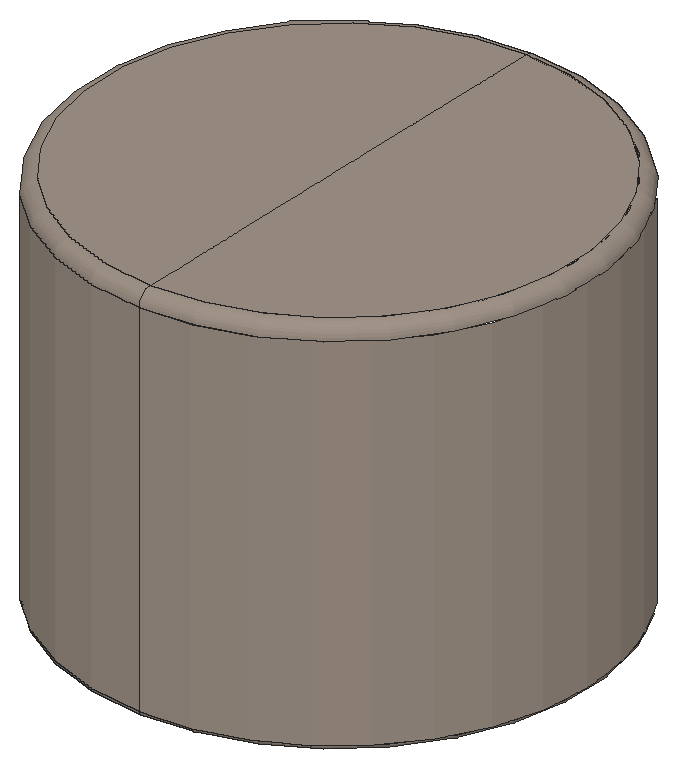
Revit family "Rocking 18in Stool Medium", category Generic Models, Revit 2018
Family settings
  Can host rebar = No
  Round Connector Dimension = Use Diameter
  Part Type = Normal
  Work Plane-Based = No
  Always vertical = Yes
  Cut with Voids When Loaded = No
  Shared = No
  Room Calculation Point = No
Parameters
  Fabric = Dot Rocking 18" Stool Medium Fabric
Reference planes (in)
  plane 1 "Center (Front/Back)": y = 0
  plane 2: z = 0
  plane 3 "Center (Left/Right)": x = 0
Forms (in)
  Revolve 1, solid, material "Dot-Rocking Base"
    sketch origin (0, 0, 0) x (0, 1, 0) y (0, 0, 1)
      loop
        line (0, 1.27726) -> (-8.21953, 1.27726)
        arc (-8.21953, 1.27726) -> (-8.26128, 1.25997) -> (-8.27857, 1.21822) r 0.05903
        line (-8.27857, 1.21822) -> (-8.27857, 1.02136)
        arc (-8.27857, 1.02136) -> (-8.23821, 0.92392) -> (-8.14077, 0.88356) r 0.1378
        line (-8.14077, 0.88356) -> (-8.00052, 0.88356)
        arc (-8.00052, 0.88356) -> (-4.02458, 0.22156) -> (0, 0) r 36.66376
        line (0, 0) -> (0, 1.27726)
      axis (0, 1.27726) -> (0, 0)
    angle from 0 to 360
  Revolve 2, solid, material "Dot Rocking 18" Stool Medium Fabric" <- "Fabric"
    sketch origin (0, 0, 0.78222) x (0, 1, 0) y (0, 0, 1)
      loop
        line (0, 14.24513) -> (-8.52864, 14.24513)
        arc (-8.52864, 14.24513) -> (-8.88214, 14.0987) -> (-9.02856, 13.7452) r 0.49993
        line (-9.02856, 13.7452) -> (-9.02856, 0.62005)
        arc (-9.02856, 0.62005) -> (-8.99195, 0.53165) -> (-8.90355, 0.49504) r 0.12501
        line (-8.90355, 0.49504) -> (0, 0.49504) -> (0, 14.24513)
      axis (0, 14.24513) -> (0, 0.49504)
    angle from 0 to 360
Dimensions and locks (in)
  aligned and locked: plane 2 to level
